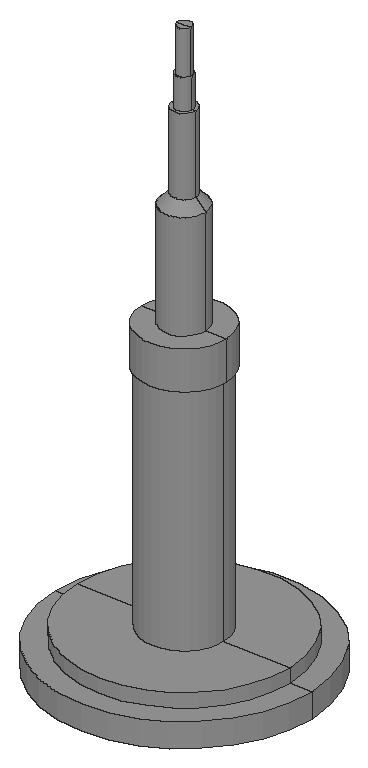
Revit family "Markier- und Spreizwerkzeug E-MSH 6x25", category Generic Models, Revit 2017
Family settings
  Can host rebar = No
  Round Connector Dimension = Use Diameter
  Part Type = Normal
  Work Plane-Based = No
  Always vertical = Yes
  Cut with Voids When Loaded = No
  Shared = No
  Room Calculation Point = No
Parameters (values of type "E-MSH 6x25")
  URL = "http://www.obo-bettermann.com"
  Material = Electrogalvanised
  Manufacturer Art.No. = "3492964"
  Manufacturer = "OBO BETTERMANN"
  GTIN = "4012196709687"
  Article Type = "E-MSH 6x25"
Reference planes
  plane 1 "Center (Front/Back)": y = 0
  plane 2: z = 0
  plane 3 "Center (Left/Right)": x = 0
Forms (mm)
  Revolve 1, solid, material "Electrogalvanised" <- "Material"
    sketch origin (0, 0, 0) x (1, 0, 0) y (0, 0, 1)
      loop
        line (0, 0) -> (7.973, 0) -> (7.973, 15) -> (0, 15) -> (0, 0)
      axis (0, 15) -> (0, 0)
    angle from 0 to 360
  Revolve 2, solid, material "Electrogalvanised" <- "Material"
    sketch origin (0, 0, 0) x (1, 0, 0) y (0, 0, 1)
      loop
        line (0, 15) -> (46.756, 15) -> (46.756, 23.799) -> (0, 23.799) -> (0, 15)
      axis (0, 23.799) -> (0, 15)
    angle from 0 to 360
  Revolve 3, solid, material "Electrogalvanised" <- "Material"
    sketch origin (0, 0, 0) x (1, 0, 0) y (0, 0, 1)
      loop
        line (0, 23.799) -> (38.787, 23.799) -> (38.787, 28.799) -> (0, 28.799) -> (0, 23.799)
      axis (0, 28.799) -> (0, 23.799)
    angle from 0 to 360
  Revolve 4, solid, material "Electrogalvanised" <- "Material"
    sketch origin (0, 0, 0) x (1, 0, 0) y (0, 0, 1)
      loop
        line (0, 28.799) -> (14.5, 28.799) -> (14.5, 113.799) -> (0, 113.799) -> (0, 28.799)
      axis (0, 113.799) -> (0, 28.799)
    angle from 0 to 360
  Revolve 5, solid, material "Electrogalvanised" <- "Material"
    sketch origin (0, 0, 0) x (1, 0, 0) y (0, 0, 1)
      loop
        line (0, 113.799) -> (15.5, 113.799) -> (15.5, 127.804) -> (0, 127.804) -> (0, 113.799)
      axis (0, 127.804) -> (0, 113.799)
    angle from 0 to 360
  Revolve 6, solid, material "Electrogalvanised" <- "Material"
    sketch origin (0, 0, 0) x (1, 0, 0) y (0, 0, 1)
      loop
        line (0, 127.804) -> (7.979, 127.804) -> (7.979, 166.398) -> (0, 166.398) -> (0, 127.804)
      axis (0, 166.398) -> (0, 127.804)
    angle from 0 to 360
  Revolve 7, solid, material "Electrogalvanised" <- "Material"
    sketch origin (0, 0, 0) x (1, 0, 0) y (0, 0, 1)
      loop
        line (0, 166.398) -> (7.985, 166.398) -> (4.321, 170.244) -> (0, 170.244) -> (0, 166.398)
      axis (0, 170.244) -> (0, 166.398)
    angle from 0 to 360
  Revolve 8, solid, material "Electrogalvanised" <- "Material"
    sketch origin (0, 0, 0) x (1, 0, 0) y (0, 0, 1)
      loop
        line (0, 170.244) -> (4.321, 170.244) -> (4.321, 198.226) -> (0, 198.226) -> (0, 170.244)
      axis (0, 198.226) -> (0, 170.244)
    angle from 0 to 360
  Revolve 9, solid, material "Electrogalvanised" <- "Material"
    sketch origin (0, 0, 0) x (1, 0, 0) y (0, 0, 1)
      loop
        line (0, 198.226) -> (2.938, 198.226) -> (2.938, 209.22) -> (0, 209.22) -> (0, 198.226)
      axis (0, 209.22) -> (0, 198.226)
    angle from 0 to 360
  Revolve 10, solid, material "Electrogalvanised" <- "Material"
    sketch origin (0, 0, 0) x (1, 0, 0) y (0, 0, 1)
      loop
        line (0, 209.22) -> (2.48, 209.22) -> (2.48, 224.835) -> (0, 224.835) -> (0, 209.22)
      axis (0, 224.835) -> (0, 209.22)
    angle from 0 to 360
Dimensions and locks
  locked: Revolve 1 sketch curve to Revolve 1 sketch curve at 15
  locked: Revolve 1 sketch curve to Revolve 1 sketch curve at 7.973
  locked: Revolve 2 sketch curve to Revolve 2 sketch curve at 46.756
  locked: Revolve 2 sketch curve to Revolve 2 sketch curve at 8.799
  locked: Revolve 3 sketch curve to Revolve 2 at 5
  locked: Revolve 3 sketch curve to Revolve 3 sketch curve at 38.787
  locked: Revolve 4 sketch curve to Revolve 3 at 85
  locked: Revolve 4 sketch curve to Revolve 4 sketch curve at 14.5
  locked: Revolve 5 sketch curve to Revolve 4 at 14.005
  locked: Revolve 5 sketch curve to Revolve 5 sketch curve at 15.5  (x2)
  locked: Revolve 7 sketch curve to Revolve 6 at 3.846
  locked: Revolve 8 sketch curve to Revolve 7 at 27.982
  locked: Revolve 8 sketch curve to Revolve 8 sketch curve at 4.321
  locked: Revolve 9 sketch curve to Revolve 8 at 10.993  (x2)
  locked: Revolve 9 sketch curve to Revolve 9 sketch curve at 2.938  (x2)
  locked: Revolve 10 sketch curve to Revolve 9 at 15.615
  locked: Revolve 10 sketch curve to Revolve 10 sketch curve at 2.48
  aligned and locked: level to plane 2
  aligned and locked: Revolve 1 sketch curve to plane 3 "Center (Left/Right)"
  aligned and locked: Revolve 2 sketch curve to plane 3 "Center (Left/Right)"
  aligned and locked: Revolve 3 sketch curve to plane 3 "Center (Left/Right)"
  aligned and locked: Revolve 3 sketch curve to Revolve 2  (x2)
  aligned and locked: Revolve 4 sketch curve to Revolve 3
  aligned and locked: Revolve 4 sketch curve to plane 3 "Center (Left/Right)"
  aligned and locked: Revolve 5 sketch curve to plane 3 "Center (Left/Right)"
  aligned and locked: Revolve 6 sketch curve to plane 3 "Center (Left/Right)"
  aligned and locked: Revolve 6 sketch curve to Revolve 5
  aligned and locked: Revolve 7 sketch curve to plane 3 "Center (Left/Right)"
  aligned and locked: Revolve 8 sketch curve to plane 3 "Center (Left/Right)"
  aligned and locked: Revolve 9 sketch curve to Revolve 8
  aligned and locked: Revolve 9 sketch curve to plane 3 "Center (Left/Right)"
  aligned and locked: Revolve 10 sketch curve to plane 3 "Center (Left/Right)"
  aligned and locked: Revolve 9 to Revolve 10 sketch curve
